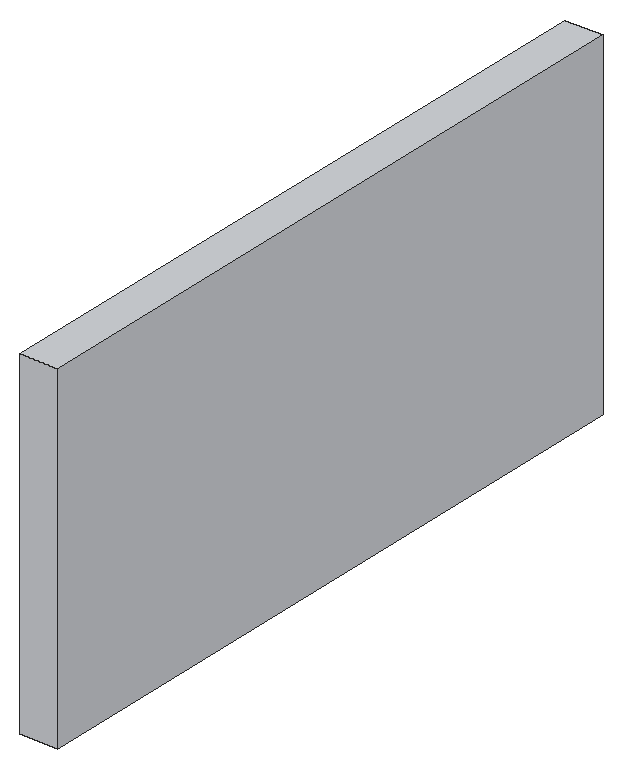
Revit family "M_Capa de extremidade retangular - DTL", category Conexões de duto, Revit 2019
Family settings
  Cota do conector redondo = Utilizar diâmetro
  Tipo de parte = Cobertura
  Número OmniClass = 23.75.70.14
  Título OmniClass = Air Ductwork
  ID de item do Seek = Rectangular Endcap - DTL-0000-CAN-ENU
  Com base no plano de trabalho = Não
  Sempre na vertical = Sim
  Corte com vazios quando carregada = Não
  Compartilhado = Não
Parameters (values of type "Padrão")
  Entrada de largura [instance] = 900 mm
  built-in parameter 1114242 [instance] = (empty or 0)
  Comprimento do desenho [instance] = 50 mm
  Entrada de profundidade [instance] = 450 mm
Reference planes
  plane 1 "Centro (Frente/Trás)": y = 0
  plane 2: z = 0
  plane 3 "Centro (Esquerda/Direita)": x = 0
  plane 4: x = 50
  plane 5: y = 450
  plane 6: y = -450
  plane 7: z = 225
  plane 8: z = -225
  plane 9: x = -50
Forms (mm)
  Extrusion 1, solid, detail levels medium+fine
    sketch origin (0, 0, 0) x (0, 1, 0) y (0, 0, 1)
      loop
        line (450, 225) -> (-450, 225) -> (-450, -225) -> (450, -225) -> (450, 225)
    from 0 to 50
Lines and regions (mm)
  model lines, detail levels coarse
    curve 1: line (0, 450, 0) -> (0, -450, 0)
    curve 2: line (-50, 450, 0) -> (0, 450, 0)
    curve 3: line (-50, -450, 0) -> (0, -450, 0)
Dimensions and locks
  equal spacing: plane 5, plane 1 "Centro (Frente/Trás)", plane 6
  "Entrada de largura": plane 5 to plane 6
  "Comprimento do desenho": plane 3 "Centro (Esquerda/Direita)" to plane 4
  equal spacing: plane 7, plane 2, plane 8
  "Entrada de profundidade": plane 7 to plane 8
  "Comprimento do desenho": plane 9 to plane 3 "Centro (Esquerda/Direita)"
  aligned and locked: plane 5 to Extrusion 1 sketch curve
  aligned and locked: plane 7 to Extrusion 1 sketch curve
  aligned and locked: plane 8 to Extrusion 1 sketch curve
  aligned and locked: Extrusion 1 sketch curve to plane 6
  aligned and locked: Extrusion 1 to plane 3 "Centro (Esquerda/Direita)"
  aligned and locked: plane 4 to Extrusion 1
  aligned and locked: plane 5 to curve 1
  aligned and locked: plane 6 to curve 1
  aligned and locked: plane 3 "Centro (Esquerda/Direita)" to curve 2
  aligned and locked: plane 9 to curve 2
  aligned and locked: curve 2 to plane 5
  aligned and locked: plane 9 to curve 3
  aligned and locked: plane 3 "Centro (Esquerda/Direita)" to curve 3
  aligned and locked: curve 3 to plane 6
Connectors
  hvac at (0, 0, 0), driven by "Entrada de profundidade", driven by "Entrada de largura"
    settings: on Extrusion 1, index 1, duct flow 0.0 L/s, flow factor 0, pres drop 0.0 Pa, loss coef 0, conn angle 0.00°, conn width 900 mm, conn height 450 mm, conn diameter 609.6 mm, duct sys type 28, conn prof type 1, flow config 0, flow direction 0, loss method 0, conn ref index -1, conn util no, is conn primary yes, conn desc ""
